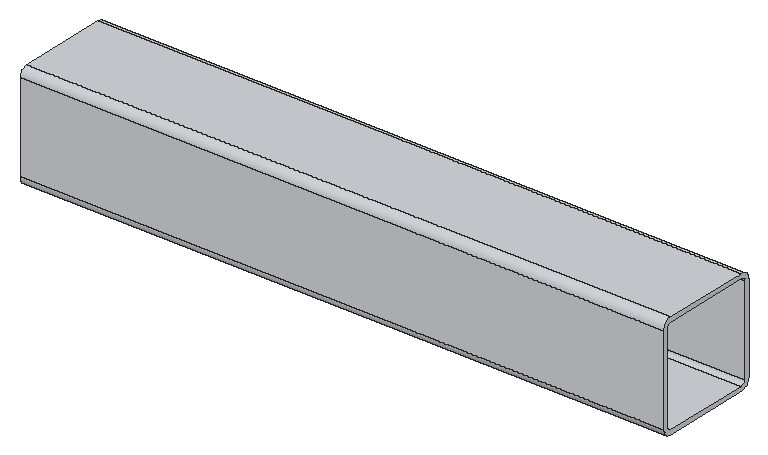
Revit family "StructuralFraming_Box", category Structural Framing, Revit 2018
Family settings
  Structural Framing Length Roundoff = 1 mm
  Section Shape = Rectangular HSS
  Material for Model Behavior = Steel
  Always export as geometry = No
  Always vertical = Yes
  Cut with Voids When Loaded = No
  Symbolic Representation = From Project Settings
  Shared = No
  Show family pre-cut in plan views = Yes
Parameters (values of type "TCAR200x8")
  Width = 200 mm
  Warping Constant = (empty or 0)
  Wall Nominal Thickness = 8 mm
  Wall Design Thickness = 0 mm
  Torsional Moment of Inertia = 0 cm⁴
  Torsional Modulus = 0 cm³
  Structural Material [instance] = none
  Shear Area weak axis = 0.0 cm²
  Shear Area strong axis = 0.0 cm²
  Section Area = 0.0 cm²
  Principal Axes Angle = 0.00°
  Plastic Modulus weak axis = 0 cm³
  Plastic Modulus strong axis = 0 cm³
  Perimeter = (empty or 0)
  Outer Fillet = 16 mm
  Nominal Weight = 0 N/m
  Moment of Inertia weak axis = 0 cm⁴
  Moment of Inertia strong axis = 0 cm⁴
  Inner Fillet = 8 mm
  Height = 200 mm
  Elastic Modulus weak axis = 0 cm³
  Elastic Modulus strong axis = 0 cm³
  Centroid Vertical = 0 mm
  Centroid Horizontal = 0 mm
  Assembly Code = ""
  Length [instance] = 1500 mm
Reference planes
  plane 1 "Center (Front/Back)": y = 0
  plane 2: z = 0
  plane 3 "Center (Left/Right)": x = 4.61
  plane 4 "Member Left": x = -604.99
  plane 5 "Member Right": x = 614.21
  plane 6: y = 100
  plane 7: y = -100
  plane 8 "Top": z = 100
  plane 9: z = -100
  plane 10 "Left": x = -757.39
  plane 11 "Right": x = 742.61
Forms (mm)
  Sweep 1, solid, material <- "Structural Material", detail levels fine
    path origin (0, 0, 0) x (1, 0, 0) y (0, 1, 0)
      loop
        line (614.21, 0) -> (-604.99, 0)
    profile "M_Hollow-Structural-Section-Profile-Fine : M_Hollow-Structural-Section-Profile-Fine" origin (4.61, 0, 0) x (0, -1, 0) y (0, 0, 1)
      loop
        arc (-84, 92) -> (-89.657, 89.657) -> (-92, 84) r 8
        line (-92, 84) -> (-92, -84)
        arc (-92, -84) -> (-89.657, -89.657) -> (-84, -92) r 8
        line (-84, -92) -> (84, -92)
        arc (84, -92) -> (89.657, -89.657) -> (92, -84) r 8
        line (92, -84) -> (92, 84)
        arc (92, 84) -> (89.657, 89.657) -> (84, 92) r 8
        line (84, 92) -> (-84, 92)
      loop
        arc (-100, -84) -> (-95.314, -95.314) -> (-84, -100) r 16
        line (-84, -100) -> (84, -100)
        arc (84, -100) -> (95.314, -95.314) -> (100, -84) r 16
        line (100, -84) -> (100, 84)
        arc (100, 84) -> (95.314, 95.314) -> (84, 100) r 16
        line (84, 100) -> (-84, 100)
        arc (-84, 100) -> (-95.314, 95.314) -> (-100, 84) r 16
        line (-100, 84) -> (-100, -84)
  Sweep 2, solid, material <- "Structural Material", detail levels medium
    path origin (0, 0, 0) x (1, 0, 0) y (0, 1, 0)
      loop
        line (614.21, 0) -> (-604.99, 0)
    profile "M_Hollow-Structural-Section-Profile-Medium : M_Hollow-Structural-Section-Profile-Medium" origin (4.61, 0, 0) x (0, -1, 0) y (0, 0, 1)
      loop
        line (-92, 92) -> (-92, -92) -> (92, -92) -> (92, 92) -> (-92, 92)
      loop
        line (-100, -100) -> (100, -100) -> (100, 100) -> (-100, 100) -> (-100, -100)
Lines and regions (mm)
  symbolic lines, style "Hidden Faces", detail levels medium+fine
    curve 1: line (614.21, -92, 0) -> (-604.99, -92, 0)
    curve 2: line (614.21, 92, 0) -> (-604.99, 92, 0)
    curve 3: line (-604.99, 0, 92) -> (614.21, 0, 92)
    curve 4: line (-604.99, 0, -92) -> (614.21, 0, -92)
  symbolic lines, style "Stick Symbols", detail levels coarse
    curve 5: line (4.61, -100, 100) -> (4.61, -100, -100)
    curve 6: line (4.61, -100, -100) -> (4.61, 100, -100)
    curve 7: line (4.61, 100, -100) -> (4.61, 100, 100)
    curve 8: line (4.61, 100, 100) -> (4.61, -100, 100)
Dimensions and locks
  "Width": plane 6 to plane 7
  "Height": plane 9 to plane 8 "Top"
  equal spacing: plane 9, plane 2, plane 8 "Top"
  equal spacing: plane 6, plane 1 "Center (Front/Back)", plane 7
  locked: plane 6 to curve 2 at 8
  locked: curve 1 to plane 7 at 8
  locked: plane 8 "Top" to curve 3 at 8
  locked: curve 4 to plane 9 at 8
  "Length": plane 10 "Left" to plane 11 "Right"
  aligned and locked: Sweep 1 sketch curve to plane 1 "Center (Front/Back)"
  aligned and locked: Sweep 2 sketch curve to plane 1 "Center (Front/Back)"
  aligned and locked: curve 5 to Sweep 2
  aligned and locked: curve 6 to Sweep 2
  aligned and locked: curve 7 to Sweep 2
  aligned and locked: curve 8 to Sweep 2
  aligned and locked: plane 4 "Member Left" to Sweep 1 sketch curve
  aligned and locked: plane 5 "Member Right" to Sweep 1 sketch curve
  aligned and locked: plane 4 "Member Left" to Sweep 2 sketch curve
  aligned and locked: plane 5 "Member Right" to Sweep 2 sketch curve
  aligned and locked: plane 4 "Member Left" to curve 1
  aligned and locked: plane 5 "Member Right" to curve 1
  aligned and locked: plane 4 "Member Left" to curve 2
  aligned and locked: plane 5 "Member Right" to curve 2
  aligned and locked: plane 4 "Member Left" to curve 3
  aligned and locked: plane 5 "Member Right" to curve 3
  aligned and locked: plane 4 "Member Left" to curve 4
  aligned and locked: plane 5 "Member Right" to curve 4
